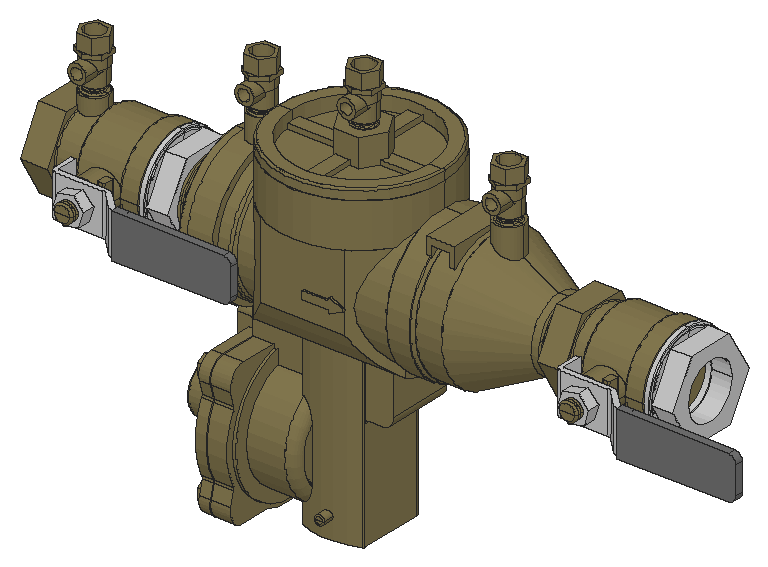
Revit family "FRP1.50-QT-LL 1.50in FRP", category Plumbing Fixtures, Revit 2018 (continued)
Definition of nested family "00_1-50 V -R"
  Forms (in)
    Extrusion 11, solid, material <- "H Material"
      sketch origin (2.24656, -25.28143, 0) x (0, 1, 0) y (0, 0, 1)
        loop
          line (24.64241, 1.82964) -> (24.00817, 0.72559) -> (24.64718, -0.37571) -> (25.92044, -0.37295) -> (26.55469, 0.7311) -> (25.91567, 1.8324) -> (24.64241, 1.82964)
        loop
          circle (25.27904, 0.72834) r 0.75037
      from -0.57522 to -0.00468
    Extrusion 12, solid, material <- "B Material"
      sketch origin (-1.38418, -25.28143, 0) x (0, 1, 0) y (0, 0, 1)
        loop
          line (24.64241, 1.82964) -> (24.00817, 0.72559) -> (24.64718, -0.37571) -> (25.92044, -0.37295) -> (26.55469, 0.7311) -> (25.91567, 1.8324) -> (24.64241, 1.82964)
        loop
          circle (25.27904, 0.72834) r 0.75037
      from 0.01584 to 0.69694
  Dimensions and locks (in)
    equal spacing: plane 8, plane 9, level
    aligned and locked: level to plane 2
  Automatic sketch dimensions
    plane 3 "Center (Left/Right)" to Revolve 2 sketch curve = 0.47674"
    Revolve 2 sketch curve to plane 4 = 0.13695"
    Revolve 2 sketch curve to plane 4 = 0.11673"
    plane 1 "Center (Front/Back)" to Revolve 2 sketch curve = 1.85593"
    Revolve 2 sketch curve to Revolve 2 sketch curve = 0.59162"
    Revolve 2 sketch curve to Revolve 2 sketch curve = 0.00"
    Revolve 2 sketch curve to Revolve 2 sketch curve = 0.01863"
    Revolve 2 sketch curve to Revolve 2 sketch curve = 0.03913"
    Extrusion 3 sketch curve to plane 4 = 0.30594"
    Extrusion 3 sketch curve to Extrusion 3 sketch curve = 0.03727"
    Extrusion 3 sketch curve to Extrusion 3 sketch curve = 0.04938"
    Extrusion 3 sketch curve to Extrusion 3 sketch curve = 0.11273"
    Extrusion 3 sketch curve to Extrusion 3 sketch curve = 0.11276"
    Extrusion 3 sketch curve to Extrusion 3 sketch curve = 0.03956"
    plane 1 "Center (Front/Back)" to Extrusion 3 sketch curve = 1.83624"
    Extrusion 3 sketch curve to Extrusion 3 sketch curve = 0.22282"
    plane 8 to Extrusion 5 sketch curve = 0.12805"
    plane 4 to Extrusion 5 sketch curve = 0.75256"
    plane 6 to Extrusion 5 sketch curve = 0.03991"
    Extrusion 5 sketch curve to Extrusion 5 sketch curve = 3.007"
    plane 8 to Extrusion 5 sketch curve = 0.15601"
    Extrusion 5 sketch curve to Extrusion 5 sketch curve = 0.00185"
    Extrusion 5 sketch curve to Extrusion 5 sketch curve = 0.19637"
    level to Extrusion 5 sketch curve = 0.15604"
    Extrusion 5 sketch curve to Extrusion 5 sketch curve = 0.00182"
    level to Extrusion 5 sketch curve = 0.12805"
    Extrusion 6 sketch curve to plane 3 "Center (Left/Right)" = 0.27386"
    Extrusion 6 sketch curve to Extrusion 6 sketch curve = 0.11811"
    Extrusion 6 sketch curve to Extrusion 6 sketch curve = 0.03468"
    Extrusion 6 sketch curve to Extrusion 6 sketch curve = 0.00169"
    plane 4 to Extrusion 6 sketch curve = 0.01753"
    plane 4 to Extrusion 6 sketch curve = 0.03355"
    Extrusion 6 sketch curve to Extrusion 6 sketch curve = 0.15836"
    Extrusion 6 sketch curve to Extrusion 6 sketch curve = 0.07219"
    Extrusion 6 sketch curve to Extrusion 6 sketch curve = 0.40775"
    Extrusion 6 sketch curve to Extrusion 6 sketch curve = 0.05572"
    Extrusion 6 sketch curve to Extrusion 6 sketch curve = 0.12105"
    Extrusion 6 sketch curve to Extrusion 6 sketch curve = 0.00292"
    Extrusion 6 sketch curve to Extrusion 6 sketch curve = 0.29084"
    plane 1 "Center (Front/Back)" to Extrusion 6 sketch curve = 2.61903"
    Extrusion 6 sketch curve to Extrusion 6 sketch curve = 0.07322"
    Extrusion 6 sketch curve to Extrusion 6 sketch curve = 0.13318"
    Extrusion 6 sketch curve to Extrusion 6 sketch curve = 0.11131"
    Extrusion 6 sketch curve to Extrusion 6 sketch curve = 0.24939"
    Extrusion 6 sketch curve to Extrusion 6 sketch curve = 0.03868"
    Extrusion 6 sketch curve to Extrusion 6 sketch curve = 0.11967"
    Extrusion 6 sketch curve to Extrusion 6 sketch curve = 0.09485"
    Extrusion 6 sketch curve to Extrusion 6 sketch curve = 0.55418"
    plane 3 "Center (Left/Right)" to Revolve 7 sketch curve = 0.47417"
    Revolve 7 sketch curve to Revolve 7 sketch curve = 0.20798"
    Revolve 7 sketch curve to Revolve 7 sketch curve = 0.00"  (x3)
    Revolve 7 sketch curve to Revolve 7 sketch curve = 0.00031"
    Revolve 7 sketch curve to Revolve 7 sketch curve = 0.00012"
    Revolve 7 sketch curve to Revolve 7 sketch curve = 0.04171"
    Revolve 7 sketch curve to Revolve 7 sketch curve = 0.04203"
    Revolve 7 sketch curve to Revolve 7 sketch curve = 0.04204"
    Revolve 7 sketch curve to Revolve 7 sketch curve = 0.04547"
    plane 1 "Center (Front/Back)" to Revolve 7 sketch curve = 2.60396"
    Revolve 7 sketch curve to Revolve 7 sketch curve = 0.05405"
    Revolve 7 sketch curve to Revolve 7 sketch curve = 0.03427"
    Revolve 7 sketch curve to Revolve 7 sketch curve = 0.03889"
    Revolve 7 sketch curve to Revolve 7 sketch curve = 0.03918"
    Revolve 7 sketch curve to Revolve 7 sketch curve = 0.03919"  (x2)
    Revolve 7 sketch curve to Revolve 7 sketch curve = 0.0392"
    Revolve 7 sketch curve to Revolve 7 sketch curve = 0.08721"
    Extrusion 8 sketch curve to plane 3 "Center (Left/Right)" = 0.15575"
    Extrusion 8 sketch curve to plane 3 "Center (Left/Right)" = 0.01898"
    plane 1 "Center (Front/Back)" to Extrusion 8 sketch curve = 1.81656"
    Extrusion 8 sketch curve to Extrusion 8 sketch curve = 0.23612"
    Extrusion 8 sketch curve to Extrusion 8 sketch curve = 0.04556"
    Extrusion 9 sketch curve to Extrusion 9 sketch curve = 0.00"  (x2)
    Extrusion 9 sketch curve to plane 9 = 0.00"
    plane 3 "Center (Left/Right)" to Extrusion 9 sketch curve = 0.05678"
    Extrusion 9 sketch curve to plane 9 = 0.09161"
    Extrusion 9 sketch curve to Extrusion 9 sketch curve = 0.00463"
    Extrusion 9 sketch curve to Extrusion 9 sketch curve = 0.36774"  (x2)
    Extrusion 9 sketch curve to Extrusion 9 sketch curve = 0.37237"  (x3)
    Extrusion 9 sketch curve to Extrusion 9 sketch curve = 0.21766"  (x3)
    Extrusion 9 sketch curve to Extrusion 9 sketch curve = 0.20965"  (x2)
    Extrusion 9 sketch curve to Extrusion 9 sketch curve = 0.24325"  (x2)
    Extrusion 9 sketch curve to Extrusion 9 sketch curve = 0.00347"
    Extrusion 10 sketch curve to Extrusion 10 sketch curve = 0.00"  (x2)
    plane 9 to Extrusion 10 sketch curve = 0.00442"  (x3)
    plane 3 "Center (Left/Right)" to Extrusion 10 sketch curve = 0.03674"
    plane 3 "Center (Left/Right)" to Extrusion 10 sketch curve = 0.25674"  (x2)
    plane 6 to Extrusion 10 sketch curve = 0.02792"
    Extrusion 10 sketch curve to Extrusion 10 sketch curve = 0.22"  (x2)
    Extrusion 10 sketch curve to plane 4 = 0.40563"
    Extrusion 10 sketch curve to plane 4 = 0.18563"
    level to Extrusion 10 sketch curve = 0.34631"
    Extrusion 10 sketch curve to Extrusion 10 sketch curve = 0.16689"
    Extrusion 10 sketch curve to Extrusion 10 sketch curve = 0.11552"
    Extrusion 11 sketch curve to plane 9 = 0.00275"
    plane 1 "Center (Front/Back)" to Extrusion 11 sketch curve = 1.27326"
    plane 1 "Center (Front/Back)" to Extrusion 11 sketch curve = 0.63901"
    plane 1 "Center (Front/Back)" to Extrusion 11 sketch curve = 0.63424"
    Extrusion 11 sketch curve to plane 9 = 0.00001"
    plane 1 "Center (Front/Back)" to Extrusion 11 sketch curve = 0.00239"
    Extrusion 11 sketch curve to plane 1 "Center (Front/Back)" = 0.63424"
    Extrusion 11 sketch curve to plane 1 "Center (Front/Back)" = 0.63901"
    plane 9 to Extrusion 11 sketch curve = 0.00275"
    Extrusion 11 sketch curve to plane 1 "Center (Front/Back)" = 1.27326"
    Extrusion 11 sketch curve to level = 0.37295"
    Extrusion 11 sketch curve to level = 0.37571"
    Extrusion 11 sketch curve to plane 8 = 0.37295"
    Extrusion 11 sketch curve to plane 8 = 0.37571"
    Extrusion 12 sketch curve to plane 9 = 0.00275"
    plane 1 "Center (Front/Back)" to Extrusion 12 sketch curve = 1.27326"
    plane 1 "Center (Front/Back)" to Extrusion 12 sketch curve = 0.63901"
    plane 1 "Center (Front/Back)" to Extrusion 12 sketch curve = 0.63424"
    Extrusion 12 sketch curve to plane 9 = 0.00001"
    plane 1 "Center (Front/Back)" to Extrusion 12 sketch curve = 0.00239"
    Extrusion 12 sketch curve to plane 1 "Center (Front/Back)" = 0.63424"
    Extrusion 12 sketch curve to plane 1 "Center (Front/Back)" = 0.63901"
    plane 9 to Extrusion 12 sketch curve = 0.00275"
    Extrusion 12 sketch curve to plane 1 "Center (Front/Back)" = 1.27326"
    Extrusion 12 sketch curve to level = 0.37295"
    Extrusion 12 sketch curve to level = 0.37571"
    Extrusion 12 sketch curve to plane 8 = 0.37295"
    Extrusion 12 sketch curve to plane 8 = 0.37571"
    Revolve 4 sketch curve to plane 9 = 0.00"
    plane 8 to Revolve 4 sketch curve = 0.02165"
    Revolve 4 sketch curve to plane 4 = 0.56898"
    Revolve 4 sketch curve to Revolve 4 sketch curve = 0.02"
    Revolve 4 sketch curve to Revolve 4 sketch curve = 0.02006"
    Revolve 4 sketch curve to Revolve 4 sketch curve = 0.13742"
    Revolve 4 sketch curve to Revolve 4 sketch curve = 0.5103"
    Revolve 4 sketch curve to Revolve 4 sketch curve = 0.03854"
    Revolve 4 sketch curve to Revolve 4 sketch curve = 0.84394"
    Revolve 4 sketch curve to Revolve 4 sketch curve = 0.08313"
    Revolve 4 sketch curve to Revolve 4 sketch curve = 0.02856"
    plane 1 "Center (Front/Back)" to Revolve 1 sketch curve = 0.00"  (x2)
    Revolve 1 sketch curve to plane 5 = 0.41512"
    Revolve 1 sketch curve to Revolve 1 sketch curve = 0.03911"
    Revolve 1 sketch curve to Revolve 1 sketch curve = 0.28714"
    Revolve 1 sketch curve to Revolve 1 sketch curve = 0.0337"
    Revolve 1 sketch curve to Revolve 1 sketch curve = 0.08522"
    Revolve 1 sketch curve to Revolve 1 sketch curve = 0.03455"
    Revolve 1 sketch curve to plane 4 = 0.12031"
    Revolve 1 sketch curve to Revolve 1 sketch curve = 0.0377"
    plane 4 to Revolve 1 sketch curve = 0.3915"
    Revolve 1 sketch curve to plane 1 "Center (Front/Back)" = 1.06533"
    Revolve 1 sketch curve to Revolve 1 sketch curve = 0.01946"
    Revolve 1 sketch curve to Revolve 1 sketch curve = 0.03485"
    Revolve 1 sketch curve to Revolve 1 sketch curve = 0.12766"
    Revolve 1 sketch curve to Revolve 1 sketch curve = 0.01995"
    Revolve 1 sketch curve to Revolve 1 sketch curve = 0.0312"
    Revolve 1 sketch curve to Revolve 1 sketch curve = 0.07771"
    Revolve 1 sketch curve to Revolve 1 sketch curve = 0.19798"
    radius of Extrusion 11 sketch curve = 0.75037"
    radius of Extrusion 12 sketch curve = 0.75037"
